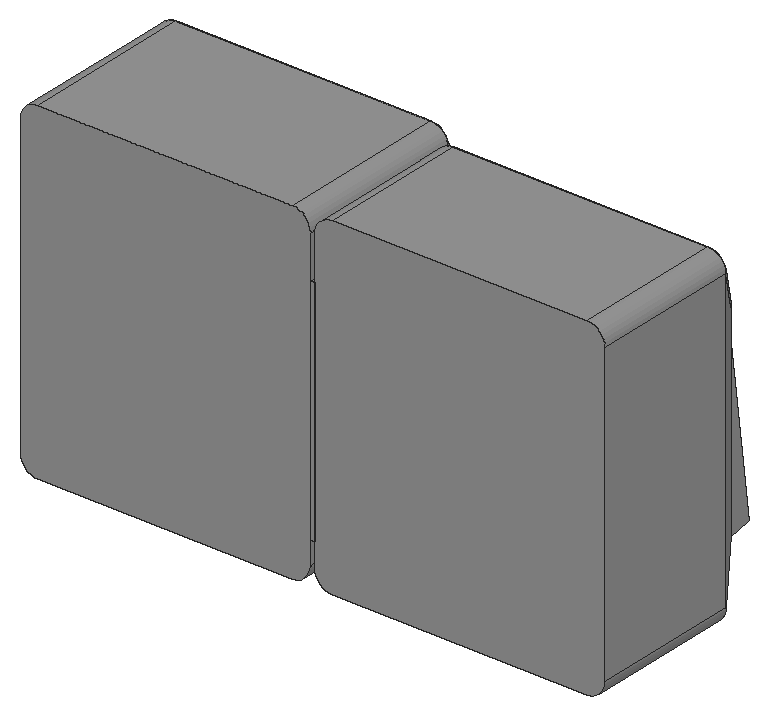
Revit family "IEK_БлокГоризонтальный_ОткрытойУстановки_Выключ. двухкл. и роз. одномест. с ЗК 16А IP54_ГЕРМЕС PLUS", category Электрические приборы, Revit 2019
Family settings
  Сохранять ориентацию аннотаций = Да
  Размер круглого соединителя = Использовать диаметр
  Тип детали = Нормальный
  На основе рабочей плоскости = Нет
  Всегда вертикально = Да
  При загрузке вырезать с полостями = Нет
  Общий = Нет
  Точка расчета площади = Нет
Parameters (values of type "БГб-22-31-ГПБд")
  Ширина = 147 mm  # constant formula
  Тип монтажа = "Поверхность монтажа (открытая установка)"  # constant formula
  Степень защиты = "IP54"  # constant formula
  Материал крышки = Цвет дымчатый
  Изготовитель = "IEK"  # constant formula
  Дата изменения = ""
  Глубина = 52 mm  # constant formula
  Высота = 72 mm  # constant formula
  ΔХ [instance] = 2000 mm
  ΔY [instance] = 2000 mm
  KSI_CPr_Строительные изделия = "27.12.31.000.20.2.02.07-1002"  # constant formula
  KSI_CMa_Строительные материалы = "01.7.14.03"  # constant formula
  IEK_Цена за единицу = 511.64
  IEK_Поиск в таблице имен = ""
  IEK_Описание = "Изделия серии \"ГЕРМЕС PLUS\" используются в помещениях с повышенной влажностью или запыленностью, а также под навесом на открытом воздухе."
  IEK_URL = "https://www.iek.ru/products/catalog/izdeliya_elektroustanovochnye_udliniteli_i_silovye_razemy/elektroustanovochnye_izdeliya/elektroustanovochnye_izdeliya_otkrytogo_montazha_ip44_ip54/elektroustanovochnye_izdeliya_germes_plus/blok_gorizontalnyy_dlya_otkrytoy_ustanovki_bgb_22_31_gpbd_vyklyuchatel_1_klavishnyy_rozetka_1_mestnaya_s_zazemlyayushchim_kontaktom_ip54_germes_plus_belyy_dymchatyy_iek"
  ADSK_Ток [instance] = 16 A
  ADSK_Примечание = ""
  ADSK_Полная мощность [instance] = ADSK_Номинальная мощность / ADSK_Коэффициент мощности  # 3520 VA
  ADSK_Позиция [instance] = ""
  ADSK_Номинальная мощность [instance] = ADSK_Ток * ADSK_Напряжение * sqrt(ADSK_Количество фаз числовое) * ADSK_Коэффициент мощности  # 3520 W
  ADSK_Напряжение = 220 V
  ADSK_Наименование = "Блок горизонтальный для открытой установки БГб-22-31-ГПБд (Выключатель 1-клавишный + розетка 1-местная с заземляющим контактом) IP54 ГЕРМЕС PLUS (белый/дымчатый) IEK"
  ADSK_Материал обозначение = ""
  ADSK_Материал наименование = "Пластик"  # constant formula
  ADSK_Материал = Цвет белый
  ADSK_Масса = 0.22
  ADSK_Марка = "ГЕРМЕС PLUS"  # constant formula
  ADSK_Коэффициент мощности [instance] = 1  # constant formula
  ADSK_Количество фаз числовое = 1
  ADSK_Количество фаз = 1
  ADSK_Код изделия = "EBGMP20-K03-31-54-EC"
  ADSK_Классификация нагрузок [instance] = Прочее
  ADSK_Завод-изготовитель = "IEK"  # constant formula
  ADSK_Единица измерения = "шт"  # constant formula
  ADSK_Группирование = "III ЭЛЕКТРОУСТАНОВОЧНЫЕ И ЭЛЕКТРОМОНТАЖНЫЕ ИЗДЕЛИЯ"  # constant formula
  ADSK_Версия семейства = "1.0"  # constant formula
  ADSK_Версия Revit = "2019"  # constant formula
  ADSK_URL страницы изделия = "https://www.iek.ru/products/catalog/izdeliya_elektroustanovochnye_udliniteli_i_silovye_razemy/elektroustanovochnye_izdeliya/elektroustanovochnye_izdeliya_otkrytogo_montazha_ip44_ip54/elektroustanovochnye_izdeliya_germes_plus/?pagec=100"
Reference planes
  plane 1 "По центру (Вперед/Назад)": y = 0
  plane 2: z = 0
  plane 3 "По центру (Влево/Вправо)": x = 0
  plane 4 "Высота ножек": z = 280
  plane 5 "Высота": z = 2081.496
  plane 6: x = -2000
  plane 7: y = 2000
Forms (mm)
  Extrusion 1, solid, detail levels coarse
    sketch origin (0, 0, 0) x (1, 0, 0) y (0, 1, 0)
      loop
        line (-73.5, 0) -> (73.5, 0) -> (73.5, 52) -> (-73.5, 52) -> (-73.5, 0)
    from 0 to 72
  Extrusion 2, solid, detail levels medium
    sketch origin (0, 0, 0) x (1, 0, 0) y (0, 1, 0)
      loop
        line (-73.5, 52) -> (-73.5, 0) -> (73.5, 0) -> (73.5, 52) -> (-73.5, 52)
    from 0 to 72
  Blend 3, solid, material "Цвет белый" <- "ADSK_Материал", detail levels fine
    base sketch origin (-33, 0, 37.5) x (-1, 0, 0) y (0, 0, 1)
      loop
        line (-32.5, 33.5) -> (-32.5, -33.5)
        arc (-32.5, -33.5) -> (-31.328, -36.328) -> (-28.5, -37.5) r 4
        line (-28.5, -37.5) -> (28.5, -37.5)
        arc (28.5, -37.5) -> (31.328, -36.328) -> (32.5, -33.5) r 4
        line (32.5, -33.5) -> (32.5, 33.5)
        arc (32.5, 33.5) -> (31.328, 36.328) -> (28.5, 37.5) r 4
        line (28.5, 37.5) -> (-28.5, 37.5)
        arc (-28.5, 37.5) -> (-31.328, 36.328) -> (-32.5, 33.5) r 4
    top sketch origin (-33, 0, 37.5) x (-1, 0, 0) y (0, 0, 1)
      loop
        line (-30.1, 23.034) -> (-30.1, -24.041)
        arc (-30.1, -24.041) -> (-29.819, -24.719) -> (-29.141, -25) r 0.959
        line (-29.141, -25) -> (29.141, -25)
        arc (29.141, -25) -> (29.819, -24.719) -> (30.1, -24.041) r 0.959
        line (30.1, -24.041) -> (30.1, 23.034)
        arc (30.1, 23.034) -> (29.819, 23.712) -> (29.141, 23.993) r 0.959
        line (29.141, 23.993) -> (-29.141, 23.993)
        arc (-29.141, 23.993) -> (-29.819, 23.712) -> (-30.1, 23.034) r 0.959
    from 38.682 to 46.099
  Extrusion 4, solid, material "Цвет белый" <- "ADSK_Материал", detail levels fine
    sketch origin (-33, 0, 37.5) x (-1, 0, 0) y (0, 0, 1)
      loop
        line (-32.5, 33.5) -> (-32.5, -33.45)
        arc (-32.5, -33.45) -> (-31.314, -36.314) -> (-28.45, -37.5) r 4.05
        line (-28.45, -37.5) -> (28.5, -37.5)
        arc (28.5, -37.5) -> (31.328, -36.328) -> (32.5, -33.5) r 4
        line (32.5, -33.5) -> (32.5, 33.5)
        arc (32.5, 33.5) -> (31.328, 36.328) -> (28.5, 37.5) r 4
        line (28.5, 37.5) -> (-28.5, 37.5)
        arc (-28.5, 37.5) -> (-31.328, 36.328) -> (-32.5, 33.5) r 4
    from 0 to 38.682
  Extrusion 5, void
    sketch origin (-33.025, 0, 37.5) x (-1, 0, 0) y (0, 0, 1)
      loop
        arc (-16.762, -9.964) -> (-0.012, -19.5) -> (16.75, -9.984) r 19.5
        line (16.75, -9.984) -> (16.75, -2.25) -> (19.37, -2.25)
        arc (19.37, -2.25) -> (19.5, 0) -> (19.37, 2.25) r 19.5
        line (19.37, 2.25) -> (16.75, 2.25) -> (16.75, 9.984)
        arc (16.75, 9.984) -> (0, 19.5) -> (-16.75, 9.984) r 19.5
        line (-16.75, 9.984) -> (-16.75, 2.25) -> (-19.37, 2.25)
        arc (-19.37, 2.25) -> (-19.5, 0) -> (-19.37, -2.25) r 19.5
        line (-19.37, -2.25) -> (-16.75, -2.25) -> (-16.762, -9.964)
    from 26.4 to 46.099
  Extrusion 6, void
    sketch origin (-33.025, 0, 37.5) x (-1, 0, 0) y (0, 0, 1)
      loop
        circle (-9.525, 0) r 2.758
      loop
        circle (9.525, 0) r 2.758
    from 26.4 to 5.7
  Extrusion 7, void
    sketch origin (-33, 0, 35.959) x (-1, 0, 0) y (0, 0, 1)
      loop
        arc (-28.5, -24.189) -> (-27.914, -25.603) -> (-26.5, -26.189) r 2
        line (-26.5, -26.189) -> (26.5, -26.189)
        arc (26.5, -26.189) -> (27.914, -25.603) -> (28.5, -24.189) r 2
        line (28.5, -24.189) -> (28.5, 37.041)
        arc (28.5, 37.041) -> (27.914, 38.456) -> (26.5, 39.041) r 2
        line (26.5, 39.041) -> (-26.5, 39.041)
        arc (-26.5, 39.041) -> (-27.914, 38.456) -> (-28.5, 37.041) r 2
        line (-28.5, 37.041) -> (-28.5, -24.189)
      loop
        line (5, 26.541) -> (-5, 26.541) -> (-15.069, 16.168)
        arc (-15.069, 16.168) -> (-21, 1.541) -> (-15.069, -13.085) r 21
        line (-15.069, -13.085) -> (-5, -23.459) -> (5, -23.459) -> (15.069, -13.085)
        arc (15.069, -13.085) -> (21, 1.541) -> (15.069, 16.168) r 21
        line (15.069, 16.168) -> (5, 26.541)
    from 38.682 to 46.099
  Extrusion 8, void
    sketch origin (-33, 0, 37.5) x (-1, 0, 0) y (0, 0, 1)
      loop
        line (-22.764, -27) -> (-14.278, -27)
        arc (-14.278, -27) -> (0, -32.5) -> (14.278, -27) r 21.282
        line (14.278, -27) -> (22.764, -27) -> (22.764, 26.4) -> (-22.764, 26.4) -> (-22.764, -27)
    from 43.6 to 46.099
  Extrusion 9, solid, material "Цвет дымчатый" <- "Материал крышки", detail levels fine
    sketch origin (-33, 0, 37.5) x (0, 0, 1) y (0, 1, 0)
      loop
        line (23.993, 46.099) -> (-27, 46.099) -> (-27, 45.121) -> (23.993, 45.121) -> (35.72, 38.682) -> (37.5, 38.682) -> (23.993, 46.099)
    from -28 to 28
  Extrusion 10, solid, material "Цвет дымчатый" <- "Материал крышки", detail levels fine
    sketch origin (-33, 0, 37.5) x (-1, 0, 0) y (0, 0, 1)
      loop
        arc (-14.278, -27) -> (0, -32.5) -> (14.278, -27) r 21.282
        line (14.278, -27) -> (-14.278, -27)
    from 45.121 to 46.099
  Extrusion 11, solid, material "Цвет белый" <- "ADSK_Материал", detail levels fine
    sketch origin (0, 0, 37.5) x (-1, 0, 0) y (0, 0, 1)
      loop
        line (-0.5, 23.775) -> (-0.5, -28.284) -> (0.5, -28.284) -> (0.5, 23.775) -> (-0.5, 23.775)
    from 0 to 15
  Extrusion 12, solid, material "Цвет белый" <- "ADSK_Материал", detail levels fine
    sketch origin (33, 0, 37.5) x (-1, 0, 0) y (0, 0, 1)
      loop
        line (-32.5, 33.5) -> (-32.5, -33.5)
        arc (-32.5, -33.5) -> (-31.328, -36.328) -> (-28.5, -37.5) r 4
        line (-28.5, -37.5) -> (28.5, -37.5)
        arc (28.5, -37.5) -> (31.328, -36.328) -> (32.5, -33.5) r 4
        line (32.5, -33.5) -> (32.5, 33.5)
        arc (32.5, 33.5) -> (31.328, 36.328) -> (28.5, 37.5) r 4
        line (28.5, 37.5) -> (-28.5, 37.5)
        arc (-28.5, 37.5) -> (-31.328, 36.328) -> (-32.5, 33.5) r 4
    from 0 to 33.882
  Blend 13, solid, material "Цвет белый" <- "ADSK_Материал", detail levels fine
    base sketch origin (33, 0, 37.5) x (-1, 0, 0) y (0, 0, 1)
      loop
        line (-32.5, 33.5) -> (-32.5, -33.5)
        arc (-32.5, -33.5) -> (-31.328, -36.328) -> (-28.5, -37.5) r 4
        line (-28.5, -37.5) -> (28.5, -37.5)
        arc (28.5, -37.5) -> (31.328, -36.328) -> (32.5, -33.5) r 4
        line (32.5, -33.5) -> (32.5, 33.5)
        arc (32.5, 33.5) -> (31.328, 36.328) -> (28.5, 37.5) r 4
        line (28.5, 37.5) -> (-28.5, 37.5)
        arc (-28.5, 37.5) -> (-31.328, 36.328) -> (-32.5, 33.5) r 4
    top sketch origin (33, 0, 37.5) x (-1, 0, 0) y (0, 0, 1)
      loop
        line (-28.842, 22.891) -> (-28.842, -22.891)
        arc (-28.842, -22.891) -> (-27.846, -25.295) -> (-25.442, -26.291) r 3.4
        line (-25.442, -26.291) -> (25.445, -26.291)
        arc (25.445, -26.291) -> (27.849, -25.295) -> (28.845, -22.891) r 3.4
        line (28.845, -22.891) -> (28.845, 22.891)
        arc (28.845, 22.891) -> (27.849, 25.295) -> (25.445, 26.291) r 3.4
        line (25.445, 26.291) -> (-25.442, 26.291)
        arc (-25.442, 26.291) -> (-27.846, 25.295) -> (-28.842, 22.891) r 3.4
    from 33.882 to 40
  Extrusion 14, solid, material "Цвет белый" <- "ADSK_Материал", detail levels fine
    sketch origin (33, 8.344, 36.232) x (0, 0, 1) y (0, 1, 0)
      loop
        line (-23.871, 30.5) -> (26.135, 30.5) -> (26.135, 31.933)
        arc (26.135, 31.933) -> (2.154, 36.271) -> (-22.146, 38.121) r 236.751
        line (-22.146, 38.121) -> (-23.871, 30.5)
    from -27.5 to 27.5
  Extrusion 15, void
    sketch origin (0, 0, 37.5) x (-1, 0, 0) y (0, 0, 1)
      loop
        line (-61.342, 22.891) -> (-61.342, -22.891)
        arc (-61.342, -22.891) -> (-60.493, -24.942) -> (-58.442, -25.791) r 2.9
        line (-58.442, -25.791) -> (-7.555, -25.791)
        arc (-7.555, -25.791) -> (-5.504, -24.942) -> (-4.655, -22.891) r 2.9
        line (-4.655, -22.891) -> (-4.655, 22.891)
        arc (-4.655, 22.891) -> (-5.504, 24.942) -> (-7.555, 25.791) r 2.9
        line (-7.555, 25.791) -> (-58.442, 25.791)
        arc (-58.442, 25.791) -> (-60.493, 24.942) -> (-61.342, 22.891) r 2.9
    from 38.844 to 40
Cuts and joins
  Extrusion 15 cuts Blend 13
  Extrusion 5, Extrusion 6, Extrusion 7 cuts Extrusion 4
  Extrusion 5, Extrusion 6, Extrusion 7, Extrusion 8 cuts Blend 3
Lines and regions (mm)
  reference lines
    curve 1: line (0, 44.647, 0) -> (0, -55.353, 0)
    curve 2: line (-23.829, 0, 0) -> (76.171, 0, 0)
Dimensions and locks
  locked: plane 4 "Высота ножек" to plane 2 at 280
  plane 5 "Высота" to plane 4 "Высота ножек" = 1801.496 mm
  "ΔХ": plane 6 to curve 1
  "ΔY": plane 7 to curve 2
  aligned and locked: level to plane 2
  aligned and locked: curve 2 to nested 1
  aligned and locked: nested 1 to curve 1
Automatic sketch dimensions
  plane 1 "По центру (Вперед/Назад)" to Extrusion 1 sketch curve = 0 mm
  Extrusion 1 sketch curve to plane 3 "По центру (Влево/Вправо)" = 73.5 mm
  plane 3 "По центру (Влево/Вправо)" to Extrusion 1 sketch curve = 73.5 mm
  Extrusion 1 sketch curve to Extrusion 1 sketch curve = 52 mm
  Blend 3 sketch curve to level = 0 mm
  Blend 3 sketch curve to plane 3 "По центру (Влево/Вправо)" = 0.5 mm
  Blend 3 sketch curve to Blend 3 sketch curve = 4 mm  (x3)
  Blend 3 sketch curve to Blend 3 sketch curve = 57 mm  (x2)
  Blend 3 sketch curve to Blend 3 sketch curve = 67 mm
  Blend 3 sketch curve to plane 3 "По центру (Влево/Вправо)" = 2.9 mm
  Blend 3 sketch curve to Blend 3 sketch curve = 0.959 mm  (x3)
  level to Blend 3 sketch curve = 12.5 mm
  Blend 3 sketch curve to Blend 3 sketch curve = 58.283 mm
  Blend 3 sketch curve to Blend 3 sketch curve = 0 mm
  Blend 3 sketch curve to Blend 3 sketch curve = 47.076 mm
  Extrusion 4 sketch curve to level = 0 mm
  Extrusion 4 sketch curve to plane 3 "По центру (Влево/Вправо)" = 0.5 mm
  Extrusion 4 sketch curve to Extrusion 4 sketch curve = 4 mm  (x2)
  Extrusion 4 sketch curve to Extrusion 4 sketch curve = 4.05 mm
  Extrusion 4 sketch curve to Extrusion 4 sketch curve = 56.95 mm
  Extrusion 4 sketch curve to Extrusion 4 sketch curve = 57 mm
  Extrusion 4 sketch curve to Extrusion 4 sketch curve = 66.95 mm
  Extrusion 5 sketch curve to Extrusion 5 sketch curve = 0 mm  (x14)
  level to Extrusion 5 sketch curve = 35.25 mm  (x2)
  Extrusion 5 sketch curve to plane 3 "По центру (Влево/Вправо)" = 13.655 mm
  Extrusion 5 sketch curve to Extrusion 5 sketch curve = 2.62 mm  (x4)
  Extrusion 5 sketch curve to Extrusion 5 sketch curve = 16.75 mm  (x2)
  Extrusion 5 sketch curve to Extrusion 5 sketch curve = 7.734 mm  (x2)
  Extrusion 5 sketch curve to Extrusion 5 sketch curve = 2.25 mm
  Extrusion 5 sketch curve to Extrusion 5 sketch curve = 0.012 mm
  level to Extrusion 6 sketch curve = 37.5 mm
  Extrusion 6 sketch curve to plane 3 "По центру (Влево/Вправо)" = 23.5 mm
  Extrusion 6 sketch curve to Extrusion 6 sketch curve = 19.049 mm
  Extrusion 6 sketch curve to Extrusion 6 sketch curve = 0 mm
  Extrusion 7 sketch curve to Extrusion 7 sketch curve = 0 mm  (x2)
  level to Extrusion 7 sketch curve = 11.77 mm
  Extrusion 7 sketch curve to plane 3 "По центру (Влево/Вправо)" = 4.5 mm
  Extrusion 7 sketch curve to Extrusion 7 sketch curve = 2 mm  (x3)
  level to Extrusion 7 sketch curve = 52.126 mm  (x2)
  Extrusion 7 sketch curve to Extrusion 7 sketch curve = 11.431 mm  (x4)
  level to Extrusion 7 sketch curve = 22.874 mm  (x2)
  level to Extrusion 7 sketch curve = 62.5 mm
  Extrusion 7 sketch curve to Extrusion 7 sketch curve = 10.069 mm  (x3)
  level to Extrusion 7 sketch curve = 12.5 mm
  Extrusion 7 sketch curve to Extrusion 7 sketch curve = 15.069 mm
  Extrusion 7 sketch curve to Extrusion 7 sketch curve = 10 mm  (x2)
  Extrusion 7 sketch curve to Extrusion 7 sketch curve = 20.874 mm
  level to Extrusion 8 sketch curve = 10.5 mm  (x2)
  Extrusion 8 sketch curve to plane 3 "По центру (Влево/Вправо)" = 10.236 mm
  Extrusion 8 sketch curve to Extrusion 8 sketch curve = 8.486 mm  (x2)
  Extrusion 8 sketch curve to Extrusion 8 sketch curve = 14.278 mm
  Extrusion 8 sketch curve to Extrusion 8 sketch curve = 15.782 mm
  Extrusion 8 sketch curve to Extrusion 8 sketch curve = 37.618 mm
  level to Extrusion 9 sketch curve = 10.5 mm
  Extrusion 9 sketch curve to Extrusion 9 sketch curve = 50.993 mm
  Extrusion 9 sketch curve to Extrusion 9 sketch curve = 0 mm
  Extrusion 9 sketch curve to Extrusion 9 sketch curve = 11.727 mm
  Extrusion 9 sketch curve to Extrusion 9 sketch curve = 1.78 mm
  Extrusion 9 sketch curve to plane 1 "По центру (Вперед/Назад)" = 38.682 mm
  Extrusion 9 sketch curve to plane 1 "По центру (Вперед/Назад)" = 45.121 mm
  Extrusion 9 sketch curve to Extrusion 9 sketch curve = 0.977 mm
  level to Extrusion 10 sketch curve = 10.5 mm
  Extrusion 10 sketch curve to plane 3 "По центру (Влево/Вправо)" = 18.722 mm
  Extrusion 10 sketch curve to Extrusion 10 sketch curve = 14.278 mm
  Extrusion 10 sketch curve to Extrusion 10 sketch curve = 15.782 mm
  level to Extrusion 11 sketch curve = 9.216 mm
  plane 3 "По центру (Влево/Вправо)" to Extrusion 11 sketch curve = 0.5 mm
  Extrusion 11 sketch curve to Extrusion 11 sketch curve = 1 mm
  Extrusion 11 sketch curve to Extrusion 11 sketch curve = 52.059 mm
  Extrusion 12 sketch curve to level = 0 mm
  plane 3 "По центру (Влево/Вправо)" to Extrusion 12 sketch curve = 65.5 mm
  Extrusion 12 sketch curve to Extrusion 12 sketch curve = 4 mm  (x3)
  Extrusion 12 sketch curve to Extrusion 12 sketch curve = 57 mm  (x2)
  Extrusion 12 sketch curve to Extrusion 12 sketch curve = 67 mm
  Blend 13 sketch curve to level = 0 mm
  plane 3 "По центру (Влево/Вправо)" to Blend 13 sketch curve = 65.5 mm
  Blend 13 sketch curve to Blend 13 sketch curve = 4 mm  (x3)
  Blend 13 sketch curve to Blend 13 sketch curve = 57 mm  (x2)
  Blend 13 sketch curve to Blend 13 sketch curve = 67 mm
  plane 3 "По центру (Влево/Вправо)" to Blend 13 sketch curve = 61.842 mm
  Blend 13 sketch curve to Blend 13 sketch curve = 3.4 mm  (x3)
  level to Blend 13 sketch curve = 11.209 mm
  Blend 13 sketch curve to Blend 13 sketch curve = 50.887 mm
  Blend 13 sketch curve to Blend 13 sketch curve = 0 mm
  Blend 13 sketch curve to Blend 13 sketch curve = 45.782 mm
  level to Extrusion 14 sketch curve = 8.292 mm
  level to Extrusion 14 sketch curve = 12.361 mm
  Extrusion 14 sketch curve to Extrusion 14 sketch curve = 1.724 mm
  Extrusion 14 sketch curve to Extrusion 14 sketch curve = 48.282 mm
  plane 1 "По центру (Вперед/Назад)" to Extrusion 14 sketch curve = 190.215 mm
  Extrusion 14 sketch curve to plane 1 "По центру (Вперед/Назад)" = 38.844 mm
  Extrusion 14 sketch curve to Extrusion 14 sketch curve = 1.433 mm
  plane 3 "По центру (Влево/Вправо)" to Extrusion 15 sketch curve = 61.342 mm
  Extrusion 15 sketch curve to Extrusion 15 sketch curve = 2.9 mm  (x3)
  level to Extrusion 15 sketch curve = 11.709 mm
  Extrusion 15 sketch curve to Extrusion 15 sketch curve = 50.887 mm
  Extrusion 15 sketch curve to Extrusion 15 sketch curve = 0 mm
  Extrusion 15 sketch curve to Extrusion 15 sketch curve = 45.782 mm
  plane 1 "По центру (Вперед/Назад)" to Extrusion 2 sketch curve = 0 mm
  Extrusion 2 sketch curve to plane 3 "По центру (Влево/Вправо)" = 73.5 mm
  plane 3 "По центру (Влево/Вправо)" to Extrusion 2 sketch curve = 73.5 mm
  Extrusion 2 sketch curve to Extrusion 2 sketch curve = 52 mm
  curve 2 to plane 3 "По центру (Влево/Вправо)" = 23.829 mm
  plane 3 "По центру (Влево/Вправо)" to curve 2 = 76.171 mm
  plane 1 "По центру (Вперед/Назад)" to curve 1 = 55.353 mm
  curve 1 to plane 1 "По центру (Вперед/Назад)" = 44.647 mm
  radius of Extrusion 6 sketch curve = 2.758 mm  (x2)
Nested families
  nested 1: "УГО Розетка+выключатель" at (0, 0, 0), type "2P/2-O", detail levels coarse+medium
    with IP44 yes
Connectors
  electrical at (0, 0, 36), driven by "ADSK_Количество фаз", driven by "ADSK_Классификация нагрузок", driven by "ADSK_Напряжение", driven by "ADSK_Полная мощность", driven by "ADSK_Коэффициент мощности"
    settings: on Extrusion 1, index 1, voltage 220 V, apparent load 0 VA, apparent load phase1 3520 VA, apparent load phase2 0 VA, apparent load phase3 0 VA, power factor 1, load classification "Прочее", number of poles 1, system type 31, power factor state 1, is connector primary yes, connector utility no, sub classification motor no, connector description ""
Definition of nested family "УГО Розетка+выключатель"
  Parameters (values of type "2P/2-C")
    IP44 [instance] = no
    2P/2-O = no
    2P/2-C = yes
    2P/1-O = no
    2P/1-C = yes
  Types (4, lengths in mm): name | 2P/2-O | 2P/2-C | 2P/1-O | 2P/1-C
    2P/1-O | no | no | yes | no
    2P/1-C | no | no | no | yes
    2P/2-C | no | yes | no | yes
    2P/2-O | yes | no | yes | no
  Reference planes
    plane 1: y = 0
    plane 2: x = 0
  Lines and regions (mm)
    Filled region 1, type "Цветовая область 1", visible <- "IP44"
      outline origin (0, 0, 0) x (1, 0, 0) y (0, 1, 0)
        loop
          line (-2.5, 0) -> (2.5, 0)
          arc (2.5, 0) -> (0, 2.5) -> (-2.5, 0) r 2.5
    Filled region 2, type "Цветовая область 1", visible <- "IP44", not visible
      outline origin (0, 0, 0) x (1, 0, 0) y (0, 1, 0)
        loop
          line (-2.5, 4.664) -> (2.5, 4.664)
          arc (2.5, 4.664) -> (0, 7.164) -> (-2.5, 4.664) r 2.5
    detail lines
      curve 1: line (-2.5, 0, 0) -> (2.5, 0, 0)
      curve 3: line (0, 2.5, 0) -> (0, 5, 0)
      curve 4: arc (-2.5, 0, 0) -> (0, 2.5, 0) -> (2.5, 0, 0) r 2.5
    detail lines, not visible
      curve 2: line (0, 0, 0) -> (0, 2.5, 0)
      curve 5: line (-2.5, 4.664, 0) -> (2.5, 4.664, 0)
      curve 6: line (0, 4.664, 0) -> (0, 7.164, 0)
      curve 7: line (0, 7.164, 0) -> (0, 9.664, 0)
      curve 8: arc (-2.5, 4.664, 0) -> (0, 7.164, 0) -> (2.5, 4.664, 0) r 2.5
    detail lines, visible <- "2P/2-C"
      curve 9: line (0, 0, 0) -> (0, 2.5, 0)
      curve 15: line (-2.575, 4.286, 0) -> (-1.718, 4.801, 0)
      curve 16: line (-1.288, 2.143, 0) -> (-2.575, 4.286, 0)
    detail lines, visible <- "2P/1-C"
      curve 10: line (0, 0, 0) -> (0, 2.5, 0)
      curve 29: line (2.5, 4.33, 0) -> (3.366, 3.83, 0)
      curve 30: line (1.25, 2.165, 0) -> (2.5, 4.33, 0)
      curve 31: line (2.5, 4.33, 0) -> (3.366, 3.83, 0)
      curve 32: line (1.25, 2.165, 0) -> (2.5, 4.33, 0)
    detail lines, visible <- "2P/2-C", not visible
      curve 11: line (0, 4.664, 0) -> (0, 7.164, 0)
      curve 19: line (-2.575, 8.95, 0) -> (-1.718, 9.465, 0)
      curve 20: line (-1.288, 6.807, 0) -> (-2.575, 8.95, 0)
    detail lines, visible <- "2P/1-C", not visible
      curve 12: line (0, 4.664, 0) -> (0, 7.164, 0)
      curve 33: line (2.5, 8.994, 0) -> (3.366, 8.494, 0)
      curve 34: line (1.25, 6.829, 0) -> (2.5, 8.994, 0)
      curve 35: line (2.5, 8.994, 0) -> (3.366, 8.494, 0)
      curve 36: line (1.25, 6.829, 0) -> (2.5, 8.994, 0)
    detail lines, visible <- "2P/1-O"
      curve 13: line (2.5, 4.33, 0) -> (3.366, 3.83, 0)
      curve 14: line (1.25, 2.165, 0) -> (2.5, 4.33, 0)
      curve 21: line (2.5, 4.33, 0) -> (3.366, 3.83, 0)
      curve 22: line (1.25, 2.165, 0) -> (2.5, 4.33, 0)
    detail lines, visible <- "2P/1-O", not visible
      curve 17: line (2.5, 8.994, 0) -> (3.366, 8.494, 0)
      curve 18: line (1.25, 6.829, 0) -> (2.5, 8.994, 0)
      curve 25: line (2.5, 8.994, 0) -> (3.366, 8.494, 0)
      curve 26: line (1.25, 6.829, 0) -> (2.5, 8.994, 0)
    detail lines, visible <- "2P/2-O"
      curve 23: line (-2.575, 4.286, 0) -> (-1.718, 4.801, 0)
      curve 24: line (-1.288, 2.143, 0) -> (-2.575, 4.286, 0)
    detail lines, visible <- "2P/2-O", not visible
      curve 27: line (-2.575, 8.95, 0) -> (-1.718, 9.465, 0)
      curve 28: line (-1.288, 6.807, 0) -> (-2.575, 8.95, 0)
  Dimensions and locks
    aligned and locked: Filled region 1 sketch curve to curve 4
    aligned and locked: Filled region 2 sketch curve to curve 8
